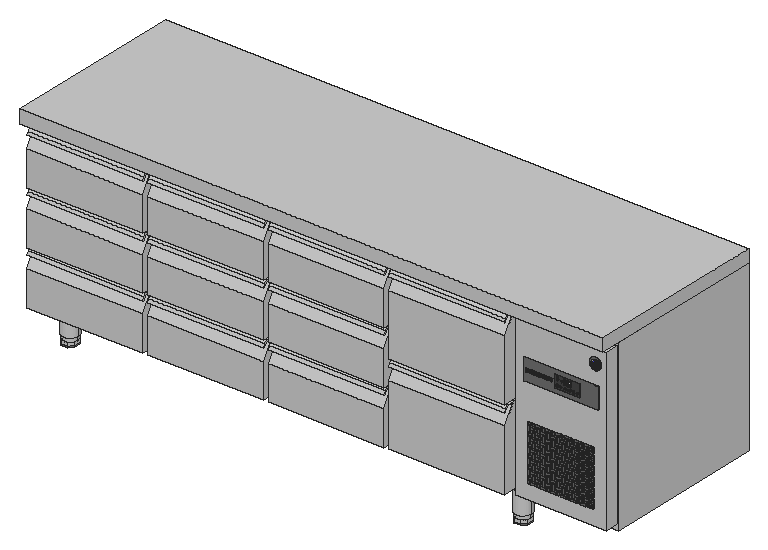
Revit family "QF_HOSHIZAKI_889040858", category Specialty Equipment, Revit 2016
Family settings
  Part Type = Normal
  Round Connector Dimension = Use Diameter
  OmniClass Number = 23.40.40.14
  OmniClass Title = Food Service Equipment
  Work Plane-Based = No
  Always vertical = Yes
  Cut with Voids When Loaded = No
  Shared = No
  Room Calculation Point = No
Parameters (values of type "889040858_230V/1Ph/50Hz")
  Weight = 159.00 kg
  Volts = 230 V
  URL Cutsheet = ""
  URL = "www.hoshizaki-europe.com"
  Status [instance] = ""
  Specification by User [instance] = ""
  Specification by Manufacturer [instance] = ""
  Serial Number = ""
  Seismic Rating = ""
  SMACNA No = ""
  Revision Code [instance] = ""
  Phase = 1
  Number of Poles = 2
  NAFEM Spec ID Number = ""
  Model = "ACR-225DG-3332-RRC-L2"
  Min Ckt Ampacity = 0 A
  Max Overcurrent Protection = 0 A
  Masterspec = ""
  Manufacturer = "HOSHIZAKI"
  Length Actual = 2246 mm
  Item Number [instance] = ""
  Installed By [instance] = ""
  Identify Quantity as Lot [instance] = no
  Height Actual = 900 mm
  HP power = ""
  Furnished By [instance] = ""
  Foodservice Equipment Identifier [instance] = yes
  FL Amps = 1.7 A
  Electric power = 240 W
  Electric Connection Type [instance] = ""
  Elec Conn RI Height [instance] = 0 mm
  Elec Conn Connection Height [instance] = 200 mm
  Description = "ADVANCE 4-SECTION 1/1 GN REFRIGERATED COUNTER WITH 3 DRAWER SECTIONS EACH WITH 3 X 1/3 DRAWERS, 1 DRAWER SECTION WITH 2 X 1/2 DRAWERS AND A FLAT WORKTOP"
  Depth Actual = 700 mm
  Cycle = 50 Hz
  Cost = 0
  Conn Plug = ""
  Conn Conduit = no
  CSI MasterFormat = ""
  Assembly Code = "E1090320"
  Apparent Power = 240 VA
  Accessory = no
Reference planes
  plane 1 "Center (Front/Back)": y = 0
  plane 2: z = 0
  plane 3 "Center (Left/Right)": x = 0
Forms (mm)
  Extrusion 1, solid, not visible
    sketch origin (1999, -17, 349) x (1, 0, 0) y (0, 1, 0)
      loop
        line (0, 0) -> (2, 0) -> (2, 2) -> (0, 2) -> (0, 0)
    from 0 to 2
Dimensions and locks
  aligned and locked: level to plane 2
Nested families
  nested 1: "QF_HOSHIZAKI_889040858_230V_1Ph_50Hz" at (0, 0, 150), type "889040858_230V/1Ph/50Hz"
    with Show Logo yes, Length Actual 2246 mm, Height Actual 650 mm, Depth Actual 700 mm, Compressor offset 1890 mm, Compressor location 1
  nested 2: "QF_HOSHIZAKI_ADVANCE_REF-COUNTER-WORKTOPS" at (0, 0, 800), type "760660203"
    with Worktop thickness 50 mm, Length Actual 2246 mm, Depth Actual 700 mm, Backsplash thickness 20 mm, Backsplash height 100 mm
  nested 3: "QF_HOSHIZAKI_ADVANCE_REF-COUNTER-DOORS-DRAWERS" at (22, -700, 150), type "760660213"
    with Weight 0.00 kg, URL Cutsheet "", Status "", Specification by User "", Specification by Manufacturer "", Serial Number "", Seismic Rating "", Section size 446 mm, Section 5, SMACNA No "", Right hand hinged glass door no, Right hand hinged door no, Revision Code "", NAFEM Spec ID Number "", Masterspec "", Length Actual 0 mm, Left hand hinged glass door no, Left hand hinged door no, Item Number "", Installed By "", Identify Quantity as Lot no, Height Actual 0 mm, Furnished By "", Foodservice Equipment Identifier no, Depth Actual 0 mm, CSI MasterFormat "", Accessory yes, 3 Drawers yes, 2 Drawers 1-3 and 2-3 no, 2 Drawers no
  nested 4: "QF_HOSHIZAKI_ADVANCE_REF-COUNTER-DOORS-DRAWERS" at (488, -700, 150), type "760660213"
    with Weight 0.00 kg, URL Cutsheet "", Status "", Specification by User "", Specification by Manufacturer "", Serial Number "", Seismic Rating "", Section size 446 mm, Section 5, SMACNA No "", Right hand hinged glass door no, Right hand hinged door no, Revision Code "", NAFEM Spec ID Number "", Masterspec "", Length Actual 0 mm, Left hand hinged glass door no, Left hand hinged door no, Item Number "", Installed By "", Identify Quantity as Lot no, Height Actual 0 mm, Furnished By "", Foodservice Equipment Identifier no, Depth Actual 0 mm, CSI MasterFormat "", Accessory yes, 3 Drawers yes, 2 Drawers 1-3 and 2-3 no, 2 Drawers no
  nested 5: "QF_HOSHIZAKI_ADVANCE_REF-COUNTER-DOORS-DRAWERS" at (952, -700, 150), type "760660213"
    with Weight 0.00 kg, URL Cutsheet "", Status "", Specification by User "", Specification by Manufacturer "", Serial Number "", Seismic Rating "", Section size 446 mm, Section 5, SMACNA No "", Right hand hinged glass door no, Right hand hinged door no, Revision Code "", NAFEM Spec ID Number "", Masterspec "", Length Actual 0 mm, Left hand hinged glass door no, Left hand hinged door no, Item Number "", Installed By "", Identify Quantity as Lot no, Height Actual 0 mm, Furnished By "", Foodservice Equipment Identifier no, Depth Actual 0 mm, CSI MasterFormat "", Accessory yes, 3 Drawers yes, 2 Drawers 1-3 and 2-3 no, 2 Drawers no
  nested 6: "QF_HOSHIZAKI_ADVANCE_REF-COUNTER-DOORS-DRAWERS" at (1416, -700, 150), type "760660212"
    with Weight 0.00 kg, URL Cutsheet "", Status "", Specification by User "", Specification by Manufacturer "", Serial Number "", Seismic Rating "", Section size 446 mm, Section 3, SMACNA No "", Right hand hinged glass door no, Right hand hinged door no, Revision Code "", NAFEM Spec ID Number "", Masterspec "", Length Actual 0 mm, Left hand hinged glass door no, Left hand hinged door no, Item Number "", Installed By "", Identify Quantity as Lot no, Height Actual 0 mm, Furnished By "", Foodservice Equipment Identifier no, Depth Actual 0 mm, CSI MasterFormat "", Accessory yes, 3 Drawers no, 2 Drawers 1-3 and 2-3 no, 2 Drawers yes
  nested 7: "QF_HOSHIZAKI_ADVANCE_REF-COUNTER-LEGS" at (0, 0, 0), type "760660118-7"
    with Weight 0.00 kg, URL Cutsheet "", Status "", Specification by User "", Specification by Manufacturer "", Serial Number "", Seismic Rating "", SMACNA No "", Revision Code "", NAFEM Spec ID Number "", Masterspec "", Length Actual 2246 mm, Legs inset right 430 mm, Legs inset rear 70 mm, Legs inset left 70 mm, Legs inset front 153 mm, Item Number "", Installed By "", Identify Quantity as Lot no, Height Actual 150 mm, Furnished By "", Foodservice Equipment Identifier no, Depth Actual 700 mm, Central Legs no, CSI MasterFormat "", Accessory yes
Connectors
  electrical at (2000, -15, 350), driven by "Apparent Power", driven by "Number of Poles", driven by "Volts"
    settings: on Extrusion 1, index 1, voltage 230 V, apparent load 0 VA, apparent load phase1 240 VA, apparent load phase2 0 VA, apparent load phase3 0 VA, power factor 1, load classification "Other", number of poles 2, system type 31, power factor state 1, is connector primary yes, connector utility no, sub classification motor no, connector description "Electric connection for '889040858'"
Definition of nested family "QF_HOSHIZAKI_889040858_230V_1Ph_50Hz"
  Parameters (values of type "889040858_230V/1Ph/50Hz")
    URL = "www.hoshizaki-europe.com"
    Show Logo [instance] = yes
    Model = "ACR-225DG-3332-RRC-L2"
    Manufacturer = "HOSHIZAKI"
    Length Actual [instance] = 2246 mm
    Height Actual [instance] = 650 mm
    Description = "ADVANCE 4-SECTION 1/1 GN REFRIGERATED COUNTER WITH 3 DRAWER SECTIONS EACH WITH 3 X 1/3 DRAWERS, 1 DRAWER SECTION WITH 2 X 1/2 DRAWERS AND A FLAT WORKTOP"
    Depth Actual [instance] = 700 mm
    Compressor offset [instance] = if(Compressor location = 1, Length Actual - 356 mm, if(Compressor location = 2, 7 mm, Length Actual - 356 mm))  # 1890 mm
    Compressor location [instance] = 1
    Author = "SPECIFI"
    Assembly Code = "E1090320"
  Types (60, lengths in mm): name | Model | Length Actual | Description | Compressor offset
    889000840 | "ACR-130DG-LR-RRC-L1" | 1314 | "ADVANCE 2-SECTION 1/1 GN REFRIGERATED COUNTER WITH 2 DOORS AND A FLAT WORKTOP" | 958
    889000848 | "ACR-130DG-22-RRC-L1" | 1314 | "ADVANCE 2-SECTION 1/1 GN REFRIGERATED COUNTER WITH 2 DRAWER SECTIONS EACH WITH 2 X 1/2 DRAWERS AND A FLAT WORKTOP" | 958
    889000856 | "ACR-130DG-32-RRC-L1" | 1314 | "ADVANCE 2-SECTION 1/1 GN REFRIGERATED COUNTER WITH 1 DRAWER SECTION WITH 3 X 1/3 DRAWERS, 1 DRAWER SECTION WITH 2 X 1/2 DRAWERS AND A FLAT WORKTOP" | 958
    889000844 | "ACR-130DG-LR-RRS-L1" | 1314 | "ADVANCE 2-SECTION 1/1 GN REFRIGERATED COUNTER WITH 2 DOORS AND A WORKTOP WITH 100 MM SPLASHBACK" | 958
    889000852 | "ACR-130DG-22-RRS-L1" | 1314 | "ADVANCE 2-SECTION 1/1 GN REFRIGERATED COUNTER WITH 2 DRAWER SECTIONS EACH WITH 2 X 1/2 DRAWERS AND A WORKTOP WITH 100 MM SPLASHBACK" | 958
    889000861 | "ACR-130DG-LR-RRC-C1-U" | 1314 | "ADVANCE 2-SECTION 1/1 GN REFRIGERATED COUNTER WITH 2 DOORS AND A FLAT WORKTOP" | 958
    889000869 | "ACR-130DG-22-RRC-C1-U" | 1314 | "ADVANCE 2-SECTION 1/1 GN REFRIGERATED COUNTER WITH 2 DRAWER SECTIONS EACH WITH 2 X 1/2 DRAWERS AND A FLAT WORKTOP" | 958
    889000877 | "ACR-130DG-32-RRC-C1-U" | 1314 | "ADVANCE 2-SECTION 1/1 GN REFRIGERATED COUNTER WITH 1 DRAWER SECTION WITH 3 X 1/3 DRAWERS, 1 DRAWER SECTION WITH 2 X 1/2 DRAWERS AND A FLAT WORKTOP" | 958
    889000865 | "ACR-130DG-LR-RRS-C1-U" | 1314 | "ADVANCE 2-SECTION 1/1 GN REFRIGERATED COUNTER WITH 2 DOORS AND A WORKTOP WITH 100 MM SPLASHBACK" | 958
    889000873 | "ACR-130DG-22-RRS-C1-U" | 1314 | "ADVANCE 2-SECTION 1/1 GN REFRIGERATED COUNTER WITH 2 DRAWER SECTIONS EACH WITH 2 X 1/2 DRAWERS AND A WORKTOP WITH 100 MM SPLASHBACK" | 958
    889000842 | "ACR-130DG-LR-RRC-L2" | 1314 | "ADVANCE 2-SECTION 1/1 GN REFRIGERATED COUNTER WITH 2 DOORS AND A FLAT WORKTOP" | 958
    889000850 | "ACR-130DG-22-RRC-L2" | 1314 | "ADVANCE 2-SECTION 1/1 GN REFRIGERATED COUNTER WITH 2 DRAWER SECTIONS EACH WITH 2 X 1/2 DRAWERS AND A FLAT WORKTOP" | 958
    889000858 | "ACR-130DG-32-RRC-L2" | 1314 | "ADVANCE 2-SECTION 1/1 GN REFRIGERATED COUNTER WITH 1 DRAWER SECTION WITH 3 X 1/3 DRAWERS, 1 DRAWER SECTION WITH 2 X 1/2 DRAWERS AND A FLAT WORKTOP" | 958
    889000846 | "ACR-130DG-LR-RRS-L2" | 1314 | "ADVANCE 2-SECTION 1/1 GN REFRIGERATED COUNTER WITH 2 DOORS AND A WORKTOP WITH 100 MM SPLASHBACK" | 958
    889000854 | "ACR-130DG-22-RRS-L2" | 1314 | "ADVANCE 2-SECTION 1/1 GN REFRIGERATED COUNTER WITH 2 DRAWER SECTIONS EACH WITH 2 X 1/2 DRAWERS AND A WORKTOP WITH 100 MM SPLASHBACK" | 958
    889000822 | "ACR-130DG-LR-CRC-L2" | 1314 | "ADVANCE 2-SECTION 1/1 GN REFRIGERATED COUNTER WITH 2 DOORS AND A FLAT WORKTOP" | 958
    889000830 | "ACR-130DG-22-CRC-L2" | 1314 | "ADVANCE 2-SECTION 1/1 GN REFRIGERATED COUNTER WITH 2 DRAWER SECTIONS EACH WITH 2 X 1/2 DRAWERS AND A FLAT WORKTOP" | 958
    889000838 | "ACR-130DG-32-CRC-L2" | 1314 | "ADVANCE 2-SECTION 1/1 GN REFRIGERATED COUNTER WITH 1 DRAWER SECTION WITH 3 X 1/3 DRAWERS, 1 DRAWER SECTION WITH 2 X 1/2 DRAWERS AND A FLAT WORKTOP" | 958
    889000826 | "ACR-130DG-LR-CRS-L2" | 1314 | "ADVANCE 2-SECTION 1/1 GN REFRIGERATED COUNTER WITH 2 DOORS AND A WORKTOP WITH 100 MM SPLASHBACK" | 958
    889000834 | "ACR-130DG-22-CRS-L2" | 1314 | "ADVANCE 2-SECTION 1/1 GN REFRIGERATED COUNTER WITH 2 DRAWER SECTIONS EACH WITH 2 X 1/2 DRAWERS AND A WORKTOP WITH 100 MM SPLASHBACK" | 958
    889020840 | "ACR-180DG-LRR-RRC-L1" | 1780 | "ADVANCE 3-SECTION 1/1 GN REFRIGERATED COUNTER WITH 3 DOORS AND A FLAT WORKTOP" | 1424
    889020848 | "ACR-180DG-222-RRC-L1" | 1780 | "ADVANCE 3-SECTION 1/1 GN REFRIGERATED COUNTER WITH 3 DRAWER SECTIONS EACH WITH 2 X 1/2 DRAWERS AND A FLAT WORKTOP" | 1424
    889020856 | "ACR-180DG-332-RRC-L1" | 1780 | "ADVANCE 3-SECTION 1/1 GN REFRIGERATED COUNTER WITH 2 DRAWER SECTIONS EACH WITH 3 X 1/3 DRAWERS, 1 DRAWER SECTION WITH 2 X 1/2 DRAWERS AND A FLAT WORKTOP" | 1424
    889020844 | "ACR-180DG-LRR-RRS-L1" | 1780 | "ADVANCE 3-SECTION 1/1 GN REFRIGERATED COUNTER WITH 3 DOORS AND A WORKTOP WITH 100 MM SPLASHBACK" | 1424
    889020852 | "ACR-180DG-222-RRS-L1" | 1780 | "ADVANCE 3-SECTION 1/1 GN REFRIGERATED COUNTER WITH 3 DRAWER SECTIONS EACH WITH 2 X 1/2 DRAWERS AND A WORKTOP WITH 100 MM SPLASHBACK" | 1424
    889020861 | "ACR-180DG-LRR-RRC-C1-U" | 1780 | "ADVANCE 3-SECTION 1/1 GN REFRIGERATED COUNTER WITH 3 DOORS AND A FLAT WORKTOP" | 1424
    889020869 | "ACR-180DG-222-RRC-C1-U" | 1780 | "ADVANCE 3-SECTION 1/1 GN REFRIGERATED COUNTER WITH 3 DRAWER SECTIONS EACH WITH 2 X 1/2 DRAWERS AND A FLAT WORKTOP" | 1424
    889020877 | "ACR-180DG-332-RRC-C1-U" | 1780 | "ADVANCE 3-SECTION 1/1 GN REFRIGERATED COUNTER WITH 2 DRAWER SECTIONS EACH WITH 3 X 1/3 DRAWERS, 1 DRAWER SECTION WITH 2 X 1/2 DRAWERS AND A FLAT WORKTOP" | 1424
    889020865 | "ACR-180DG-LRR-RRS-C1-U" | 1780 | "ADVANCE 3-SECTION 1/1 GN REFRIGERATED COUNTER WITH 3 DOORS AND A WORKTOP WITH 100 MM SPLASHBACK" | 1424
    889020873 | "ACR-180DG-222-RRS-C1-U" | 1780 | "ADVANCE 3-SECTION 1/1 GN REFRIGERATED COUNTER WITH 3 DRAWER SECTIONS EACH WITH 2 X 1/2 DRAWERS AND A WORKTOP WITH 100 MM SPLASHBACK" | 1424
    889020842 | "ACR-180DG-LRR-RRC-L2" | 1780 | "ADVANCE 3-SECTION 1/1 GN REFRIGERATED COUNTER WITH 3 DOORS AND A FLAT WORKTOP" | 1424
    889020850 | "ACR-180DG-222-RRC-L2" | 1780 | "ADVANCE 3-SECTION 1/1 GN REFRIGERATED COUNTER WITH 3 DRAWER SECTIONS EACH WITH 2 X 1/2 DRAWERS AND A FLAT WORKTOP" | 1424
    889020858 | "ACR-180DG-332-RRC-L2" | 1780 | "ADVANCE 3-SECTION 1/1 GN REFRIGERATED COUNTER WITH 2 DRAWER SECTIONS EACH WITH 3 X 1/3 DRAWERS, 1 DRAWER SECTION WITH 2 X 1/2 DRAWERS AND A FLAT WORKTOP" | 1424
    889020846 | "ACR-180DG-LRR-RRS-L2" | 1780 | "ADVANCE 3-SECTION 1/1 GN REFRIGERATED COUNTER WITH 3 DOORS AND A WORKTOP WITH 100 MM SPLASHBACK" | 1424
    889020854 | "ACR-180DG-222-RRS-L2" | 1780 | "ADVANCE 3-SECTION 1/1 GN REFRIGERATED COUNTER WITH 3 DRAWER SECTIONS EACH WITH 2 X 1/2 DRAWERS AND A WORKTOP WITH 100 MM SPLASHBACK" | 1424
    889020823 | "ACR-180DG-LRR-CRC-L2" | 1780 | "ADVANCE 3-SECTION 1/1 GN REFRIGERATED COUNTER WITH 3 DOORS AND A FLAT WORKTOP" | 1424
    889020830 | "ACR-180DG-222-CRC-L2" | 1780 | "ADVANCE 3-SECTION 1/1 GN REFRIGERATED COUNTER WITH 3 DRAWER SECTIONS EACH WITH 2 X 1/2 DRAWERS AND A FLAT WORKTOP" | 1424
    889020838 | "ACR-180DG-332-CRC-L2" | 1780 | "ADVANCE 3-SECTION 1/1 GN REFRIGERATED COUNTER WITH 2 DRAWER SECTIONS EACH WITH 3 X 1/3 DRAWERS, 1 DRAWER SECTION WITH 2 X 1/2 DRAWERS AND A FLAT WORKTOP" | 1424
    889020827 | "ACR-180DG-LRR-CRS-L2" | 1780 | "ADVANCE 3-SECTION 1/1 GN REFRIGERATED COUNTER WITH 3 DOORS AND A WORKTOP WITH 100 MM SPLASHBACK" | 1424
    889020834 | "ACR-180DG-222-CRS-L2" | 1780 | "ADVANCE 3-SECTION 1/1 GN REFRIGERATED COUNTER WITH 3 DRAWER SECTIONS EACH WITH 2 X 1/2 DRAWERS AND A WORKTOP WITH 100 MM SPLASHBACK" | 1424
    889040840 | "ACR-225DG-LLRR-RRC-L1" | 2246 | "ADVANCE 4-SECTION 1/1 GN REFRIGERATED COUNTER WITH 4 DOORS AND A FLAT WORKTOP" | 1890
    889040848 | "ACR-225DG-2222-RRC-L1" | 2246 | "ADVANCE 4-SECTION 1/1 GN REFRIGERATED COUNTER WITH 4 DRAWER SECTIONS EACH WITH 2 X 1/2 DRAWERS AND A FLAT WORKTOP" | 1890
    889040856 | "ACR-225DG-3332-RRC-L1" | 2246 | "ADVANCE 4-SECTION 1/1 GN REFRIGERATED COUNTER WITH 3 DRAWER SECTIONS EACH WITH 3 X 1/3 DRAWERS, 1 DRAWER SECTION WITH 2 X 1/2 DRAWERS AND A FLAT WORKTOP" | 1890
    889040844 | "ACR-225DG-LLRR-RRS-L1" | 2246 | "ADVANCE 4-SECTION 1/1 GN REFRIGERATED COUNTER WITH 4 DOORS AND A WORKTOP WITH 100 MM SPLASHBACK" | 1890
    889040852 | "ACR-225DG-2222-RRS-L1" | 2246 | "ADVANCE 4-SECTION 1/1 GN REFRIGERATED COUNTER WITH 4 DRAWER SECTIONS EACH WITH 2 X 1/2 DRAWERS AND A WORKTOP WITH 100 MM SPLASHBACK" | 1890
    889040861 | "ACR-225DG-LLRR-RRC-C1-U" | 2246 | "ADVANCE 4-SECTION 1/1 GN REFRIGERATED COUNTER WITH 4 DOORS AND A FLAT WORKTOP" | 1890
    889040869 | "ACR-225DG-2222-RRC-C1-U" | 2246 | "ADVANCE 4-SECTION 1/1 GN REFRIGERATED COUNTER WITH 4 DRAWER SECTIONS EACH WITH 2 X 1/2 DRAWERS AND A FLAT WORKTOP" | 1890
    889040877 | "ACR-225DG-3332-RRC-C1-U" | 2246 | "ADVANCE 4-SECTION 1/1 GN REFRIGERATED COUNTER WITH 3 DRAWER SECTIONS EACH WITH 3 X 1/3 DRAWERS, 1 DRAWER SECTION WITH 2 X 1/2 DRAWERS AND A FLAT WORKTOP" | 1890
    889040865 | "ACR-225DG-LLRR-RRS-C1-U" | 2246 | "ADVANCE 4-SECTION 1/1 GN REFRIGERATED COUNTER WITH 4 DOORS AND A WORKTOP WITH 100 MM SPLASHBACK" | 1890
    889040873 | "ACR-225DG-2222-RRS-C1-U" | 2246 | "ADVANCE 4-SECTION 1/1 GN REFRIGERATED COUNTER WITH 4 DRAWER SECTIONS EACH WITH 2 X 1/2 DRAWERS AND A WORKTOP WITH 100 MM SPLASHBACK" | 1890
    889040842 | "ACR-225DG-LLRR-RRC-L2" | 2246 | "ADVANCE 4-SECTION 1/1 GN REFRIGERATED COUNTER WITH 4 DOORS AND A FLAT WORKTOP" | 1890
    889040850 | "ACR-225DG-2222-RRC-L2" | 2246 | "ADVANCE 4-SECTION 1/1 GN REFRIGERATED COUNTER WITH 4 DRAWER SECTIONS EACH WITH 2 X 1/2 DRAWERS AND A FLAT WORKTOP" | 1890
    889040858_230V/1Ph/50Hz | "ACR-225DG-3332-RRC-L2" | 2246 | "ADVANCE 4-SECTION 1/1 GN REFRIGERATED COUNTER WITH 3 DRAWER SECTIONS EACH WITH 3 X 1/3 DRAWERS, 1 DRAWER SECTION WITH 2 X 1/2 DRAWERS AND A FLAT WORKTOP" | 1890
    889040846 | "ACR-225DG-LLRR-RRS-L2" | 2246 | "ADVANCE 4-SECTION 1/1 GN REFRIGERATED COUNTER WITH 4 DOORS AND A WORKTOP WITH 100 MM SPLASHBACK" | 1890
    889040854 | "ACR-225DG-2222-RRS-L2" | 2246 | "ADVANCE 4-SECTION 1/1 GN REFRIGERATED COUNTER WITH 4 DRAWER SECTIONS EACH WITH 2 X 1/2 DRAWERS AND A WORKTOP WITH 100 MM SPLASHBACK" | 1890
    889040822 | "ACR-225DG-LLRR-CRC-L2" | 2246 | "ADVANCE 4-SECTION 1/1 GN REFRIGERATED COUNTER WITH 4 DOORS AND A FLAT WORKTOP" | 1890
    889040830 | "ACR-225DG-2222-CRC-L2" | 2246 | "ADVANCE 4-SECTION 1/1 GN REFRIGERATED COUNTER WITH 4 DRAWER SECTIONS EACH WITH 2 X 1/2 DRAWERS AND A FLAT WORKTOP" | 1890
    889040838 | "ACR-225DG-3332-CRC-L2" | 2246 | "ADVANCE 4-SECTION 1/1 GN REFRIGERATED COUNTER WITH 3 DRAWER SECTIONS EACH WITH 3 X 1/3 DRAWERS, 1 DRAWER SECTION WITH 2 X 1/2 DRAWERS AND A FLAT WORKTOP" | 1890
    889040826 | "ACR-225DG-LLRR-CRS-L2" | 2246 | "ADVANCE 4-SECTION 1/1 GN REFRIGERATED COUNTER WITH 4 DOORS AND A WORKTOP WITH 100 MM SPLASHBACK" | 1890
    889040834 | "ACR-225DG-2222-CRS-L2" | 2246 | "ADVANCE 4-SECTION 1/1 GN REFRIGERATED COUNTER WITH 4 DRAWER SECTIONS EACH WITH 2 X 1/2 DRAWERS AND A WORKTOP WITH 100 MM SPLASHBACK" | 1890
  Reference planes
    plane 1 "Back": y = 0
    plane 2: z = 0
    plane 3 "Left": x = 0
    plane 4 "Right": x = 2246
    plane 5 "Front": y = -700
    plane 6 "Top": z = 650
    plane 7 "Front legs": y = -624.512
    plane 8 "Compressor dimension": x = 2246
    plane 9 "Compressor offset": x = 1890
  Forms (mm)
    Extrusion 1, solid
      sketch origin (0, 0, 0) x (0, 1, 0) y (0, 0, 1)
        loop
          line (0, 650) -> (-624.512, 650) -> (-624.512, 0) -> (0, 0) -> (0, 650)
      from 0 to 2246
    Extrusion 2, solid
      sketch origin (1890, 0, 0) x (0, -1, 0) y (0, 0, 1)
        loop
          line (624.512, 634) -> (624.512, 20) -> (674.54, 20) -> (674.54, 634) -> (624.512, 634)
      from 0 to -349
  Lines and regions (mm)
    symbolic lines
      curve 1: line (0, 0, 650) -> (2246, 0, 650)
      curve 2: line (0, -700, 650) -> (0, 0, 650)
      curve 3: line (2246, -700, 650) -> (0, -700, 650)
      curve 4: line (2246, 0, 650) -> (2246, -700, 650)
  Dimensions and locks
    "Length Actual": plane 3 "Left" to plane 4 "Right"
    "Depth Actual": plane 5 "Front" to plane 1 "Back"
    plane 7 "Front legs" to plane 5 "Front" = 75.488 mm
    "Compressor offset": plane 3 "Left" to plane 9 "Compressor offset"
    locked: plane 9 "Compressor offset" to plane 8 "Compressor dimension" at 356
    plane 6 "Top" to level = 650 mm
    aligned and locked: level to plane 2
    aligned and locked: plane 1 "Back" to Extrusion 1 sketch curve
    aligned and locked: plane 7 "Front legs" to Extrusion 1 sketch curve
    aligned and locked: Extrusion 1 to plane 4 "Right"
    aligned and locked: plane 7 "Front legs" to Extrusion 2 sketch curve
    aligned and locked: nested 1 to plane 5 "Front"
    aligned and locked: nested 1 to plane 9 "Compressor offset"
    aligned and locked: Extrusion 1 sketch curve to plane 6 "Top"
    aligned and locked: plane 2 to Extrusion 1 sketch curve
    aligned and locked: plane 1 "Back" to curve 1
    aligned and locked: plane 5 "Front" to curve 3
    aligned and locked: plane 4 "Right" to curve 4
    aligned and locked: plane 3 "Left" to curve 2
  Automatic sketch dimensions
    plane 5 "Front" to Extrusion 2 sketch curve = 25.46 mm
    level to Extrusion 2 sketch curve = 20 mm
    Extrusion 2 sketch curve to plane 6 "Top" = 16 mm
  Nested families
    nested 1: "Control-panel" at (1890, -700, 0), Show Logo <- "Show Logo", type "Control-panel"
      with Show Logo yes
  Definition of nested family "Control-panel"
    Parameters (values of type "Control-panel")
      Show Logo [instance] = yes
    Reference planes
      plane 1 "Center (Front/Back)": y = 0
      plane 2: z = 0
      plane 3 "Center (Left/Right)": x = 0
      plane 4: z = 650
    Forms (mm)
      Extrusion 1, solid
        sketch origin (-3653, 19.5, -135) x (-1, 0, 0) y (0, 0, 1)
          loop
            arc (-3941, 426) -> (-3944.5, 422.5) -> (-3941, 419) r 3.5
            line (-3941, 419) -> (-3923, 419)
            arc (-3923, 419) -> (-3919.5, 422.5) -> (-3923, 426) r 3.5
            line (-3923, 426) -> (-3941, 426)
          loop
            arc (-3903, 426) -> (-3906.5, 422.5) -> (-3903, 419) r 3.5
            line (-3903, 419) -> (-3885, 419)
            arc (-3885, 419) -> (-3881.5, 422.5) -> (-3885, 426) r 3.5
            line (-3885, 426) -> (-3903, 426)
          loop
            arc (-3865, 426) -> (-3868.5, 422.5) -> (-3865, 419) r 3.5
            line (-3865, 419) -> (-3847, 419)
            arc (-3847, 419) -> (-3843.5, 422.5) -> (-3847, 426) r 3.5
            line (-3847, 426) -> (-3865, 426)
          loop
            arc (-3827, 426) -> (-3830.5, 422.5) -> (-3827, 419) r 3.5
            line (-3827, 419) -> (-3809, 419)
            arc (-3809, 419) -> (-3805.5, 422.5) -> (-3809, 426) r 3.5
            line (-3809, 426) -> (-3827, 426)
          loop
            arc (-3789, 426) -> (-3792.5, 422.5) -> (-3789, 419) r 3.5
            line (-3789, 419) -> (-3771, 419)
            arc (-3771, 419) -> (-3767.5, 422.5) -> (-3771, 426) r 3.5
            line (-3771, 426) -> (-3789, 426)
          loop
            arc (-3751, 426) -> (-3754.5, 422.5) -> (-3751, 419) r 3.5
            line (-3751, 419) -> (-3733, 419)
            arc (-3733, 419) -> (-3729.5, 422.5) -> (-3733, 426) r 3.5
            line (-3733, 426) -> (-3751, 426)
          loop
            arc (-3713, 426) -> (-3716.5, 422.5) -> (-3713, 419) r 3.5
            line (-3713, 419) -> (-3704, 419)
            arc (-3704, 419) -> (-3700.5, 422.5) -> (-3704, 426) r 3.5
            line (-3704, 426) -> (-3713, 426)
          loop
            arc (-3948, 422) -> (-3951, 425) -> (-3954, 422) r 3
            line (-3954, 422) -> (-3954, 413)
            arc (-3954, 413) -> (-3951, 410) -> (-3948, 413) r 3
            line (-3948, 413) -> (-3948, 422)
          loop
            line (-3938.025, 416.51) -> (-3945.025, 416.51) -> (-3945.025, 409.51) -> (-3938.025, 409.51) -> (-3938.025, 416.51)
          loop
            line (-3919.025, 416.51) -> (-3926.025, 416.51) -> (-3926.025, 409.51) -> (-3919.025, 409.51) -> (-3919.025, 416.51)
          loop
            arc (-3910, 422) -> (-3913, 425) -> (-3916, 422) r 3
            line (-3916, 422) -> (-3916, 413)
            arc (-3916, 413) -> (-3913, 410) -> (-3910, 413) r 3
            line (-3910, 413) -> (-3910, 422)
          loop
            line (-3900.025, 416.51) -> (-3907.025, 416.51) -> (-3907.025, 409.51) -> (-3900.025, 409.51) -> (-3900.025, 416.51)
          loop
            line (-3881.025, 416.51) -> (-3888.025, 416.51) -> (-3888.025, 409.51) -> (-3881.025, 409.51) -> (-3881.025, 416.51)
          loop
            arc (-3872, 422) -> (-3875, 425) -> (-3878, 422) r 3
            line (-3878, 422) -> (-3878, 413)
            arc (-3878, 413) -> (-3875, 410) -> (-3872, 413) r 3
            line (-3872, 413) -> (-3872, 422)
          loop
            line (-3862.025, 416.51) -> (-3869.025, 416.51) -> (-3869.025, 409.51) -> (-3862.025, 409.51) -> (-3862.025, 416.51)
          loop
            line (-3843.025, 416.51) -> (-3850.025, 416.51) -> (-3850.025, 409.51) -> (-3843.025, 409.51) -> (-3843.025, 416.51)
          loop
            arc (-3834, 422) -> (-3837, 425) -> (-3840, 422) r 3
            line (-3840, 422) -> (-3840, 413)
            arc (-3840, 413) -> (-3837, 410) -> (-3834, 413) r 3
            line (-3834, 413) -> (-3834, 422)
          loop
            line (-3824.025, 416.51) -> (-3831.025, 416.51) -> (-3831.025, 409.51) -> (-3824.025, 409.51) -> (-3824.025, 416.51)
          loop
            line (-3805.025, 416.51) -> (-3812.025, 416.51) -> (-3812.025, 409.51) -> (-3805.025, 409.51) -> (-3805.025, 416.51)
          loop
            arc (-3796, 422) -> (-3799, 425) -> (-3802, 422) r 3
            line (-3802, 422) -> (-3802, 413)
            arc (-3802, 413) -> (-3799, 410) -> (-3796, 413) r 3
            line (-3796, 413) -> (-3796, 422)
          loop
            line (-3786.025, 416.51) -> (-3793.025, 416.51) -> (-3793.025, 409.51) -> (-3786.025, 409.51) -> (-3786.025, 416.51)
          loop
            line (-3767.025, 416.51) -> (-3774.025, 416.51) -> (-3774.025, 409.51) -> (-3767.025, 409.51) -> (-3767.025, 416.51)
          loop
            arc (-3758, 422) -> (-3761, 425) -> (-3764, 422) r 3
            line (-3764, 422) -> (-3764, 413)
            arc (-3764, 413) -> (-3761, 410) -> (-3758, 413) r 3
            line (-3758, 413) -> (-3758, 422)
          loop
            line (-3748.025, 416.51) -> (-3755.025, 416.51) -> (-3755.025, 409.51) -> (-3748.025, 409.51) -> (-3748.025, 416.51)
          loop
            line (-3729.025, 416.51) -> (-3736.025, 416.51) -> (-3736.025, 409.51) -> (-3729.025, 409.51) -> (-3729.025, 416.51)
          loop
            arc (-3720, 422) -> (-3723, 425) -> (-3726, 422) r 3
            line (-3726, 422) -> (-3726, 413)
            arc (-3726, 413) -> (-3723, 410) -> (-3720, 413) r 3
            line (-3720, 413) -> (-3720, 422)
          loop
            line (-3710.025, 416.51) -> (-3717.025, 416.51) -> (-3717.025, 409.51) -> (-3710.025, 409.51) -> (-3710.025, 416.51)
          loop
            line (-3935.5, 412.5) -> (-3935.5, 394.5)
            arc (-3935.5, 394.5) -> (-3932, 391) -> (-3928.5, 394.5) r 3.5
            line (-3928.5, 394.5) -> (-3928.5, 412.5)
            arc (-3928.5, 412.5) -> (-3932, 416) -> (-3935.5, 412.5) r 3.5
          loop
            line (-3897.5, 412.5) -> (-3897.5, 394.5)
            arc (-3897.5, 394.5) -> (-3894, 391) -> (-3890.5, 394.5) r 3.5
            line (-3890.5, 394.5) -> (-3890.5, 412.5)
            arc (-3890.5, 412.5) -> (-3894, 416) -> (-3897.5, 412.5) r 3.5
          loop
            line (-3859.5, 412.5) -> (-3859.5, 394.5)
            arc (-3859.5, 394.5) -> (-3856, 391) -> (-3852.5, 394.5) r 3.5
            line (-3852.5, 394.5) -> (-3852.5, 412.5)
            arc (-3852.5, 412.5) -> (-3856, 416) -> (-3859.5, 412.5) r 3.5
          loop
            line (-3821.5, 412.5) -> (-3821.5, 394.5)
            arc (-3821.5, 394.5) -> (-3818, 391) -> (-3814.5, 394.5) r 3.5
            line (-3814.5, 394.5) -> (-3814.5, 412.5)
            arc (-3814.5, 412.5) -> (-3818, 416) -> (-3821.5, 412.5) r 3.5
          loop
            line (-3783.5, 412.5) -> (-3783.5, 394.5)
            arc (-3783.5, 394.5) -> (-3780, 391) -> (-3776.5, 394.5) r 3.5
            line (-3776.5, 394.5) -> (-3776.5, 412.5)
            arc (-3776.5, 412.5) -> (-3780, 416) -> (-3783.5, 412.5) r 3.5
          loop
            line (-3745.5, 412.5) -> (-3745.5, 394.5)
            arc (-3745.5, 394.5) -> (-3742, 391) -> (-3738.5, 394.5) r 3.5
            line (-3738.5, 394.5) -> (-3738.5, 412.5)
            arc (-3738.5, 412.5) -> (-3742, 416) -> (-3745.5, 412.5) r 3.5
          loop
            line (-3707.5, 412.5) -> (-3707.5, 394.5)
            arc (-3707.5, 394.5) -> (-3704, 391) -> (-3700.5, 394.5) r 3.5
            line (-3700.5, 394.5) -> (-3700.5, 412.5)
            arc (-3700.5, 412.5) -> (-3704, 416) -> (-3707.5, 412.5) r 3.5
          loop
            arc (-3922, 407) -> (-3925.5, 403.5) -> (-3922, 400) r 3.5
            line (-3922, 400) -> (-3904, 400)
            arc (-3904, 400) -> (-3900.5, 403.5) -> (-3904, 407) r 3.5
            line (-3904, 407) -> (-3922, 407)
          loop
            arc (-3884, 407) -> (-3887.5, 403.5) -> (-3884, 400) r 3.5
            line (-3884, 400) -> (-3866, 400)
            arc (-3866, 400) -> (-3862.5, 403.5) -> (-3866, 407) r 3.5
            line (-3866, 407) -> (-3884, 407)
          loop
            arc (-3846, 407) -> (-3849.5, 403.5) -> (-3846, 400) r 3.5
            line (-3846, 400) -> (-3828, 400)
            arc (-3828, 400) -> (-3824.5, 403.5) -> (-3828, 407) r 3.5
            line (-3828, 407) -> (-3846, 407)
          loop
            arc (-3808, 407) -> (-3811.5, 403.5) -> (-3808, 400) r 3.5
            line (-3808, 400) -> (-3790, 400)
            arc (-3790, 400) -> (-3786.5, 403.5) -> (-3790, 407) r 3.5
            line (-3790, 407) -> (-3808, 407)
          loop
            arc (-3770, 407) -> (-3773.5, 403.5) -> (-3770, 400) r 3.5
            line (-3770, 400) -> (-3752, 400)
            arc (-3752, 400) -> (-3748.5, 403.5) -> (-3752, 407) r 3.5
            line (-3752, 407) -> (-3770, 407)
          loop
            arc (-3732, 407) -> (-3735.5, 403.5) -> (-3732, 400) r 3.5
            line (-3732, 400) -> (-3714, 400)
            arc (-3714, 400) -> (-3710.5, 403.5) -> (-3714, 407) r 3.5
            line (-3714, 407) -> (-3732, 407)
          loop
            line (-3938.025, 390.49) -> (-3938.025, 397.49) -> (-3945.025, 397.49) -> (-3945.025, 390.49) -> (-3938.025, 390.49)
          loop
            line (-3919.025, 390.49) -> (-3919.025, 397.49) -> (-3926.025, 397.49) -> (-3926.025, 390.49) -> (-3919.025, 390.49)
          loop
            line (-3900.025, 390.49) -> (-3900.025, 397.49) -> (-3907.025, 397.49) -> (-3907.025, 390.49) -> (-3900.025, 390.49)
          loop
            line (-3881.025, 390.49) -> (-3881.025, 397.49) -> (-3888.025, 397.49) -> (-3888.025, 390.49) -> (-3881.025, 390.49)
          loop
            line (-3862.025, 390.49) -> (-3862.025, 397.49) -> (-3869.025, 397.49) -> (-3869.025, 390.49) -> (-3862.025, 390.49)
          loop
            line (-3843.025, 390.49) -> (-3843.025, 397.49) -> (-3850.025, 397.49) -> (-3850.025, 390.49) -> (-3843.025, 390.49)
          loop
            line (-3824.025, 390.49) -> (-3824.025, 397.49) -> (-3831.025, 397.49) -> (-3831.025, 390.49) -> (-3824.025, 390.49)
          loop
            line (-3805.025, 390.49) -> (-3805.025, 397.49) -> (-3812.025, 397.49) -> (-3812.025, 390.49) -> (-3805.025, 390.49)
          loop
            line (-3786.025, 390.49) -> (-3786.025, 397.49) -> (-3793.025, 397.49) -> (-3793.025, 390.49) -> (-3786.025, 390.49)
          loop
            line (-3767.025, 390.49) -> (-3767.025, 397.49) -> (-3774.025, 397.49) -> (-3774.025, 390.49) -> (-3767.025, 390.49)
          loop
            line (-3748.025, 390.49) -> (-3748.025, 397.49) -> (-3755.025, 397.49) -> (-3755.025, 390.49) -> (-3748.025, 390.49)
          loop
            line (-3729.025, 390.49) -> (-3729.025, 397.49) -> (-3736.025, 397.49) -> (-3736.025, 390.49) -> (-3729.025, 390.49)
          loop
            line (-3710.025, 390.49) -> (-3710.025, 397.49) -> (-3717.025, 397.49) -> (-3717.025, 390.49) -> (-3710.025, 390.49)
          loop
            arc (-3719.5, 393.5) -> (-3723, 397) -> (-3726.5, 393.5) r 3.5
            line (-3726.5, 393.5) -> (-3726.5, 375.5)
            arc (-3726.5, 375.5) -> (-3723, 372) -> (-3719.5, 375.5) r 3.5
            line (-3719.5, 375.5) -> (-3719.5, 393.5)
          loop
            arc (-3757.5, 393.5) -> (-3761, 397) -> (-3764.5, 393.5) r 3.5
            line (-3764.5, 393.5) -> (-3764.5, 375.5)
            arc (-3764.5, 375.5) -> (-3761, 372) -> (-3757.5, 375.5) r 3.5
            line (-3757.5, 375.5) -> (-3757.5, 393.5)
          loop
            arc (-3795.5, 393.5) -> (-3799, 397) -> (-3802.5, 393.5) r 3.5
            line (-3802.5, 393.5) -> (-3802.5, 375.5)
            arc (-3802.5, 375.5) -> (-3799, 372) -> (-3795.5, 375.5) r 3.5
            line (-3795.5, 375.5) -> (-3795.5, 393.5)
          loop
            arc (-3833.5, 393.5) -> (-3837, 397) -> (-3840.5, 393.5) r 3.5
            line (-3840.5, 393.5) -> (-3840.5, 375.5)
            arc (-3840.5, 375.5) -> (-3837, 372) -> (-3833.5, 375.5) r 3.5
            line (-3833.5, 375.5) -> (-3833.5, 393.5)
          loop
            arc (-3871.5, 393.5) -> (-3875, 397) -> (-3878.5, 393.5) r 3.5
            line (-3878.5, 393.5) -> (-3878.5, 375.5)
            arc (-3878.5, 375.5) -> (-3875, 372) -> (-3871.5, 375.5) r 3.5
            line (-3871.5, 375.5) -> (-3871.5, 393.5)
          loop
            arc (-3909.5, 393.5) -> (-3913, 397) -> (-3916.5, 393.5) r 3.5
            line (-3916.5, 393.5) -> (-3916.5, 375.5)
            arc (-3916.5, 375.5) -> (-3913, 372) -> (-3909.5, 375.5) r 3.5
            line (-3909.5, 375.5) -> (-3909.5, 393.5)
          loop
            arc (-3951, 406.5) -> (-3954, 403.5) -> (-3951, 400.5) r 3
            line (-3951, 400.5) -> (-3942, 400.5)
            arc (-3942, 400.5) -> (-3939, 403.5) -> (-3942, 406.5) r 3
            line (-3942, 406.5) -> (-3951, 406.5)
          loop
            arc (-3947.5, 393.5) -> (-3951, 397) -> (-3954.5, 393.5) r 3.5
            line (-3954.5, 393.5) -> (-3954.5, 375.5)
            arc (-3954.5, 375.5) -> (-3951, 372) -> (-3947.5, 375.5) r 3.5
            line (-3947.5, 375.5) -> (-3947.5, 393.5)
          loop
            arc (-3941, 388.51) -> (-3944.5, 385.01) -> (-3941, 381.51) r 3.5
            line (-3941, 381.51) -> (-3923, 381.51)
            arc (-3923, 381.51) -> (-3919.5, 385.01) -> (-3923, 388.51) r 3.5
            line (-3923, 388.51) -> (-3941, 388.51)
          loop
            arc (-3903, 388.51) -> (-3906.5, 385.01) -> (-3903, 381.51) r 3.5
            line (-3903, 381.51) -> (-3885, 381.51)
            arc (-3885, 381.51) -> (-3881.5, 385.01) -> (-3885, 388.51) r 3.5
            line (-3885, 388.51) -> (-3903, 388.51)
          loop
            arc (-3865, 388.51) -> (-3868.5, 385.01) -> (-3865, 381.51) r 3.5
            line (-3865, 381.51) -> (-3847, 381.51)
            arc (-3847, 381.51) -> (-3843.5, 385.01) -> (-3847, 388.51) r 3.5
            line (-3847, 388.51) -> (-3865, 388.51)
          loop
            arc (-3827, 388.51) -> (-3830.5, 385.01) -> (-3827, 381.51) r 3.5
            line (-3827, 381.51) -> (-3809, 381.51)
            arc (-3809, 381.51) -> (-3805.5, 385.01) -> (-3809, 388.51) r 3.5
            line (-3809, 388.51) -> (-3827, 388.51)
          loop
            arc (-3789, 388.51) -> (-3792.5, 385.01) -> (-3789, 381.51) r 3.5
            line (-3789, 381.51) -> (-3771, 381.51)
            arc (-3771, 381.51) -> (-3767.5, 385.01) -> (-3771, 388.51) r 3.5
            line (-3771, 388.51) -> (-3789, 388.51)
          loop
            arc (-3751, 388.51) -> (-3754.5, 385.01) -> (-3751, 381.51) r 3.5
            line (-3751, 381.51) -> (-3733, 381.51)
            arc (-3733, 381.51) -> (-3729.5, 385.01) -> (-3733, 388.51) r 3.5
            line (-3733, 388.51) -> (-3751, 388.51)
          loop
            arc (-3713, 388.51) -> (-3716.5, 385.01) -> (-3713, 381.51) r 3.5
            line (-3713, 381.51) -> (-3704, 381.51)
            arc (-3704, 381.51) -> (-3700.5, 385.01) -> (-3704, 388.51) r 3.5
            line (-3704, 388.51) -> (-3713, 388.51)
          loop
            line (-3938.025, 379.02) -> (-3945.025, 379.02) -> (-3945.025, 372.02) -> (-3938.025, 372.02) -> (-3938.025, 379.02)
          loop
            line (-3919.025, 379.02) -> (-3926.025, 379.02) -> (-3926.025, 372.02) -> (-3919.025, 372.02) -> (-3919.025, 379.02)
          loop
            line (-3900.025, 379.02) -> (-3907.025, 379.02) -> (-3907.025, 372.02) -> (-3900.025, 372.02) -> (-3900.025, 379.02)
          loop
            line (-3881.025, 379.02) -> (-3888.025, 379.02) -> (-3888.025, 372.02) -> (-3881.025, 372.02) -> (-3881.025, 379.02)
          loop
            line (-3862.025, 379.02) -> (-3869.025, 379.02) -> (-3869.025, 372.02) -> (-3862.025, 372.02) -> (-3862.025, 379.02)
          loop
            line (-3843.025, 379.02) -> (-3850.025, 379.02) -> (-3850.025, 372.02) -> (-3843.025, 372.02) -> (-3843.025, 379.02)
          loop
            line (-3824.025, 379.02) -> (-3831.025, 379.02) -> (-3831.025, 372.02) -> (-3824.025, 372.02) -> (-3824.025, 379.02)
          loop
            line (-3805.025, 379.02) -> (-3812.025, 379.02) -> (-3812.025, 372.02) -> (-3805.025, 372.02) -> (-3805.025, 379.02)
          loop
            line (-3786.025, 379.02) -> (-3793.025, 379.02) -> (-3793.025, 372.02) -> (-3786.025, 372.02) -> (-3786.025, 379.02)
          loop
            line (-3767.025, 379.02) -> (-3774.025, 379.02) -> (-3774.025, 372.02) -> (-3767.025, 372.02) -> (-3767.025, 379.02)
          loop
            line (-3748.025, 379.02) -> (-3755.025, 379.02) -> (-3755.025, 372.02) -> (-3748.025, 372.02) -> (-3748.025, 379.02)
          loop
            line (-3729.025, 379.02) -> (-3736.025, 379.02) -> (-3736.025, 372.02) -> (-3729.025, 372.02) -> (-3729.025, 379.02)
          loop
            line (-3710.025, 379.02) -> (-3717.025, 379.02) -> (-3717.025, 372.02) -> (-3710.025, 372.02) -> (-3710.025, 379.02)
          loop
            line (-3935.5, 375.01) -> (-3935.5, 357.01)
            arc (-3935.5, 357.01) -> (-3932, 353.51) -> (-3928.5, 357.01) r 3.5
            line (-3928.5, 357.01) -> (-3928.5, 375.01)
            arc (-3928.5, 375.01) -> (-3932, 378.51) -> (-3935.5, 375.01) r 3.5
          loop
            line (-3897.5, 375.01) -> (-3897.5, 357.01)
            arc (-3897.5, 357.01) -> (-3894, 353.51) -> (-3890.5, 357.01) r 3.5
            line (-3890.5, 357.01) -> (-3890.5, 375.01)
            arc (-3890.5, 375.01) -> (-3894, 378.51) -> (-3897.5, 375.01) r 3.5
          loop
            line (-3859.5, 375.01) -> (-3859.5, 357.01)
            arc (-3859.5, 357.01) -> (-3856, 353.51) -> (-3852.5, 357.01) r 3.5
            line (-3852.5, 357.01) -> (-3852.5, 375.01)
            arc (-3852.5, 375.01) -> (-3856, 378.51) -> (-3859.5, 375.01) r 3.5
          loop
            line (-3821.5, 375.01) -> (-3821.5, 357.01)
            arc (-3821.5, 357.01) -> (-3818, 353.51) -> (-3814.5, 357.01) r 3.5
            line (-3814.5, 357.01) -> (-3814.5, 375.01)
            arc (-3814.5, 375.01) -> (-3818, 378.51) -> (-3821.5, 375.01) r 3.5
          loop
            line (-3783.5, 375.01) -> (-3783.5, 357.01)
            arc (-3783.5, 357.01) -> (-3780, 353.51) -> (-3776.5, 357.01) r 3.5
            line (-3776.5, 357.01) -> (-3776.5, 375.01)
            arc (-3776.5, 375.01) -> (-3780, 378.51) -> (-3783.5, 375.01) r 3.5
          loop
            line (-3745.5, 375.01) -> (-3745.5, 357.01)
            arc (-3745.5, 357.01) -> (-3742, 353.51) -> (-3738.5, 357.01) r 3.5
            line (-3738.5, 357.01) -> (-3738.5, 375.01)
            arc (-3738.5, 375.01) -> (-3742, 378.51) -> (-3745.5, 375.01) r 3.5
          loop
            line (-3707.5, 375.01) -> (-3707.5, 357.01)
            arc (-3707.5, 357.01) -> (-3704, 353.51) -> (-3700.5, 357.01) r 3.5
            line (-3700.5, 357.01) -> (-3700.5, 375.01)
            arc (-3700.5, 375.01) -> (-3704, 378.51) -> (-3707.5, 375.01) r 3.5
          loop
            arc (-3922, 369.51) -> (-3925.5, 366.01) -> (-3922, 362.51) r 3.5
            line (-3922, 362.51) -> (-3904, 362.51)
            arc (-3904, 362.51) -> (-3900.5, 366.01) -> (-3904, 369.51) r 3.5
            line (-3904, 369.51) -> (-3922, 369.51)
          loop
            arc (-3884, 369.51) -> (-3887.5, 366.01) -> (-3884, 362.51) r 3.5
            line (-3884, 362.51) -> (-3866, 362.51)
            arc (-3866, 362.51) -> (-3862.5, 366.01) -> (-3866, 369.51) r 3.5
            line (-3866, 369.51) -> (-3884, 369.51)
          loop
            arc (-3846, 369.51) -> (-3849.5, 366.01) -> (-3846, 362.51) r 3.5
            line (-3846, 362.51) -> (-3828, 362.51)
            arc (-3828, 362.51) -> (-3824.5, 366.01) -> (-3828, 369.51) r 3.5
            line (-3828, 369.51) -> (-3846, 369.51)
          loop
            arc (-3808, 369.51) -> (-3811.5, 366.01) -> (-3808, 362.51) r 3.5
            line (-3808, 362.51) -> (-3790, 362.51)
            arc (-3790, 362.51) -> (-3786.5, 366.01) -> (-3790, 369.51) r 3.5
            line (-3790, 369.51) -> (-3808, 369.51)
          loop
            arc (-3770, 369.51) -> (-3773.5, 366.01) -> (-3770, 362.51) r 3.5
            line (-3770, 362.51) -> (-3752, 362.51)
            arc (-3752, 362.51) -> (-3748.5, 366.01) -> (-3752, 369.51) r 3.5
            line (-3752, 369.51) -> (-3770, 369.51)
          loop
            arc (-3732, 369.51) -> (-3735.5, 366.01) -> (-3732, 362.51) r 3.5
            line (-3732, 362.51) -> (-3714, 362.51)
            arc (-3714, 362.51) -> (-3710.5, 366.01) -> (-3714, 369.51) r 3.5
            line (-3714, 369.51) -> (-3732, 369.51)
          loop
            line (-3938.025, 353) -> (-3938.025, 360) -> (-3945.025, 360) -> (-3945.025, 353) -> (-3938.025, 353)
          loop
            line (-3919.025, 353) -> (-3919.025, 360) -> (-3926.025, 360) -> (-3926.025, 353) -> (-3919.025, 353)
          loop
            line (-3900.025, 353) -> (-3900.025, 360) -> (-3907.025, 360) -> (-3907.025, 353) -> (-3900.025, 353)
          loop
            line (-3881.025, 353) -> (-3881.025, 360) -> (-3888.025, 360) -> (-3888.025, 353) -> (-3881.025, 353)
          loop
            line (-3862.025, 353) -> (-3862.025, 360) -> (-3869.025, 360) -> (-3869.025, 353) -> (-3862.025, 353)
          loop
            line (-3843.025, 353) -> (-3843.025, 360) -> (-3850.025, 360) -> (-3850.025, 353) -> (-3843.025, 353)
          loop
            line (-3824.025, 353) -> (-3824.025, 360) -> (-3831.025, 360) -> (-3831.025, 353) -> (-3824.025, 353)
          loop
            line (-3805.025, 353) -> (-3805.025, 360) -> (-3812.025, 360) -> (-3812.025, 353) -> (-3805.025, 353)
          loop
            line (-3786.025, 353) -> (-3786.025, 360) -> (-3793.025, 360) -> (-3793.025, 353) -> (-3786.025, 353)
          loop
            line (-3767.025, 353) -> (-3767.025, 360) -> (-3774.025, 360) -> (-3774.025, 353) -> (-3767.025, 353)
          loop
            line (-3748.025, 353) -> (-3748.025, 360) -> (-3755.025, 360) -> (-3755.025, 353) -> (-3748.025, 353)
          loop
            line (-3729.025, 353) -> (-3729.025, 360) -> (-3736.025, 360) -> (-3736.025, 353) -> (-3729.025, 353)
          loop
            line (-3710.025, 353) -> (-3710.025, 360) -> (-3717.025, 360) -> (-3717.025, 353) -> (-3710.025, 353)
          loop
            arc (-3719.5, 356.01) -> (-3723, 359.51) -> (-3726.5, 356.01) r 3.5
            line (-3726.5, 356.01) -> (-3726.5, 338.01)
            arc (-3726.5, 338.01) -> (-3723, 334.51) -> (-3719.5, 338.01) r 3.5
            line (-3719.5, 338.01) -> (-3719.5, 356.01)
          loop
            arc (-3757.5, 356.01) -> (-3761, 359.51) -> (-3764.5, 356.01) r 3.5
            line (-3764.5, 356.01) -> (-3764.5, 338.01)
            arc (-3764.5, 338.01) -> (-3761, 334.51) -> (-3757.5, 338.01) r 3.5
            line (-3757.5, 338.01) -> (-3757.5, 356.01)
          loop
            arc (-3795.5, 356.01) -> (-3799, 359.51) -> (-3802.5, 356.01) r 3.5
            line (-3802.5, 356.01) -> (-3802.5, 338.01)
            arc (-3802.5, 338.01) -> (-3799, 334.51) -> (-3795.5, 338.01) r 3.5
            line (-3795.5, 338.01) -> (-3795.5, 356.01)
          loop
            arc (-3833.5, 356.01) -> (-3837, 359.51) -> (-3840.5, 356.01) r 3.5
            line (-3840.5, 356.01) -> (-3840.5, 338.01)
            arc (-3840.5, 338.01) -> (-3837, 334.51) -> (-3833.5, 338.01) r 3.5
            line (-3833.5, 338.01) -> (-3833.5, 356.01)
          loop
            arc (-3871.5, 356.01) -> (-3875, 359.51) -> (-3878.5, 356.01) r 3.5
            line (-3878.5, 356.01) -> (-3878.5, 338.01)
            arc (-3878.5, 338.01) -> (-3875, 334.51) -> (-3871.5, 338.01) r 3.5
            line (-3871.5, 338.01) -> (-3871.5, 356.01)
          loop
            arc (-3909.5, 356.01) -> (-3913, 359.51) -> (-3916.5, 356.01) r 3.5
            line (-3916.5, 356.01) -> (-3916.5, 338.01)
            arc (-3916.5, 338.01) -> (-3913, 334.51) -> (-3909.5, 338.01) r 3.5
            line (-3909.5, 338.01) -> (-3909.5, 356.01)
          loop
            arc (-3951, 369.01) -> (-3954, 366.01) -> (-3951, 363.01) r 3
            line (-3951, 363.01) -> (-3942, 363.01)
            arc (-3942, 363.01) -> (-3939, 366.01) -> (-3942, 369.01) r 3
            line (-3942, 369.01) -> (-3951, 369.01)
          loop
            arc (-3947.5, 356.01) -> (-3951, 359.51) -> (-3954.5, 356.01) r 3.5
            line (-3954.5, 356.01) -> (-3954.5, 338.01)
            arc (-3954.5, 338.01) -> (-3951, 334.51) -> (-3947.5, 338.01) r 3.5
            line (-3947.5, 338.01) -> (-3947.5, 356.01)
          loop
            arc (-3941, 350.486) -> (-3944.5, 346.986) -> (-3941, 343.486) r 3.5
            line (-3941, 343.486) -> (-3923, 343.486)
            arc (-3923, 343.486) -> (-3919.5, 346.986) -> (-3923, 350.486) r 3.5
            line (-3923, 350.486) -> (-3941, 350.486)
          loop
            arc (-3903, 350.486) -> (-3906.5, 346.986) -> (-3903, 343.486) r 3.5
            line (-3903, 343.486) -> (-3885, 343.486)
            arc (-3885, 343.486) -> (-3881.5, 346.986) -> (-3885, 350.486) r 3.5
            line (-3885, 350.486) -> (-3903, 350.486)
          loop
            arc (-3865, 350.486) -> (-3868.5, 346.986) -> (-3865, 343.486) r 3.5
            line (-3865, 343.486) -> (-3847, 343.486)
            arc (-3847, 343.486) -> (-3843.5, 346.986) -> (-3847, 350.486) r 3.5
            line (-3847, 350.486) -> (-3865, 350.486)
          loop
            arc (-3827, 350.486) -> (-3830.5, 346.986) -> (-3827, 343.486) r 3.5
            line (-3827, 343.486) -> (-3809, 343.486)
            arc (-3809, 343.486) -> (-3805.5, 346.986) -> (-3809, 350.486) r 3.5
            line (-3809, 350.486) -> (-3827, 350.486)
          loop
            arc (-3789, 350.486) -> (-3792.5, 346.986) -> (-3789, 343.486) r 3.5
            line (-3789, 343.486) -> (-3771, 343.486)
            arc (-3771, 343.486) -> (-3767.5, 346.986) -> (-3771, 350.486) r 3.5
            line (-3771, 350.486) -> (-3789, 350.486)
          loop
            arc (-3751, 350.486) -> (-3754.5, 346.986) -> (-3751, 343.486) r 3.5
            line (-3751, 343.486) -> (-3733, 343.486)
            arc (-3733, 343.486) -> (-3729.5, 346.986) -> (-3733, 350.486) r 3.5
            line (-3733, 350.486) -> (-3751, 350.486)
          loop
            arc (-3713, 350.486) -> (-3716.5, 346.986) -> (-3713, 343.486) r 3.5
            line (-3713, 343.486) -> (-3704, 343.486)
            arc (-3704, 343.486) -> (-3700.5, 346.986) -> (-3704, 350.486) r 3.5
            line (-3704, 350.486) -> (-3713, 350.486)
          loop
            line (-3938.025, 340.996) -> (-3945.025, 340.996) -> (-3945.025, 333.996) -> (-3938.025, 333.996) -> (-3938.025, 340.996)
          loop
            line (-3919.025, 340.996) -> (-3926.025, 340.996) -> (-3926.025, 333.996) -> (-3919.025, 333.996) -> (-3919.025, 340.996)
          loop
            line (-3900.025, 340.996) -> (-3907.025, 340.996) -> (-3907.025, 333.996) -> (-3900.025, 333.996) -> (-3900.025, 340.996)
          loop
            line (-3881.025, 340.996) -> (-3888.025, 340.996) -> (-3888.025, 333.996) -> (-3881.025, 333.996) -> (-3881.025, 340.996)
          loop
            line (-3862.025, 340.996) -> (-3869.025, 340.996) -> (-3869.025, 333.996) -> (-3862.025, 333.996) -> (-3862.025, 340.996)
          loop
            line (-3843.025, 340.996) -> (-3850.025, 340.996) -> (-3850.025, 333.996) -> (-3843.025, 333.996) -> (-3843.025, 340.996)
          loop
            line (-3824.025, 340.996) -> (-3831.025, 340.996) -> (-3831.025, 333.996) -> (-3824.025, 333.996) -> (-3824.025, 340.996)
          loop
            line (-3805.025, 340.996) -> (-3812.025, 340.996) -> (-3812.025, 333.996) -> (-3805.025, 333.996) -> (-3805.025, 340.996)
          loop
            line (-3786.025, 340.996) -> (-3793.025, 340.996) -> (-3793.025, 333.996) -> (-3786.025, 333.996) -> (-3786.025, 340.996)
          loop
            line (-3767.025, 340.996) -> (-3774.025, 340.996) -> (-3774.025, 333.996) -> (-3767.025, 333.996) -> (-3767.025, 340.996)
          loop
            line (-3748.025, 340.996) -> (-3755.025, 340.996) -> (-3755.025, 333.996) -> (-3748.025, 333.996) -> (-3748.025, 340.996)
          loop
            line (-3729.025, 340.996) -> (-3736.025, 340.996) -> (-3736.025, 333.996) -> (-3729.025, 333.996) -> (-3729.025, 340.996)
          loop
            line (-3710.025, 340.996) -> (-3717.025, 340.996) -> (-3717.025, 333.996) -> (-3710.025, 333.996) -> (-3710.025, 340.996)
          loop
            line (-3935.5, 336.986) -> (-3935.5, 318.986)
            arc (-3935.5, 318.986) -> (-3932, 315.486) -> (-3928.5, 318.986) r 3.5
            line (-3928.5, 318.986) -> (-3928.5, 336.986)
            arc (-3928.5, 336.986) -> (-3932, 340.486) -> (-3935.5, 336.986) r 3.5
          loop
            line (-3897.5, 336.986) -> (-3897.5, 318.986)
            arc (-3897.5, 318.986) -> (-3894, 315.486) -> (-3890.5, 318.986) r 3.5
            line (-3890.5, 318.986) -> (-3890.5, 336.986)
            arc (-3890.5, 336.986) -> (-3894, 340.486) -> (-3897.5, 336.986) r 3.5
          loop
            line (-3859.5, 336.986) -> (-3859.5, 318.986)
            arc (-3859.5, 318.986) -> (-3856, 315.486) -> (-3852.5, 318.986) r 3.5
            line (-3852.5, 318.986) -> (-3852.5, 336.986)
            arc (-3852.5, 336.986) -> (-3856, 340.486) -> (-3859.5, 336.986) r 3.5
          loop
            line (-3821.5, 336.986) -> (-3821.5, 318.986)
            arc (-3821.5, 318.986) -> (-3818, 315.486) -> (-3814.5, 318.986) r 3.5
            line (-3814.5, 318.986) -> (-3814.5, 336.986)
            arc (-3814.5, 336.986) -> (-3818, 340.486) -> (-3821.5, 336.986) r 3.5
          loop
            line (-3783.5, 336.986) -> (-3783.5, 318.986)
            arc (-3783.5, 318.986) -> (-3780, 315.486) -> (-3776.5, 318.986) r 3.5
            line (-3776.5, 318.986) -> (-3776.5, 336.986)
            arc (-3776.5, 336.986) -> (-3780, 340.486) -> (-3783.5, 336.986) r 3.5
          loop
            line (-3745.5, 336.986) -> (-3745.5, 318.986)
            arc (-3745.5, 318.986) -> (-3742, 315.486) -> (-3738.5, 318.986) r 3.5
            line (-3738.5, 318.986) -> (-3738.5, 336.986)
            arc (-3738.5, 336.986) -> (-3742, 340.486) -> (-3745.5, 336.986) r 3.5
          loop
            line (-3707.5, 336.986) -> (-3707.5, 318.986)
            arc (-3707.5, 318.986) -> (-3704, 315.486) -> (-3700.5, 318.986) r 3.5
            line (-3700.5, 318.986) -> (-3700.5, 336.986)
            arc (-3700.5, 336.986) -> (-3704, 340.486) -> (-3707.5, 336.986) r 3.5
          loop
            arc (-3922, 331.486) -> (-3925.5, 327.986) -> (-3922, 324.486) r 3.5
            line (-3922, 324.486) -> (-3904, 324.486)
            arc (-3904, 324.486) -> (-3900.5, 327.986) -> (-3904, 331.486) r 3.5
            line (-3904, 331.486) -> (-3922, 331.486)
          loop
            arc (-3884, 331.486) -> (-3887.5, 327.986) -> (-3884, 324.486) r 3.5
            line (-3884, 324.486) -> (-3866, 324.486)
            arc (-3866, 324.486) -> (-3862.5, 327.986) -> (-3866, 331.486) r 3.5
            line (-3866, 331.486) -> (-3884, 331.486)
          loop
            arc (-3846, 331.486) -> (-3849.5, 327.986) -> (-3846, 324.486) r 3.5
            line (-3846, 324.486) -> (-3828, 324.486)
            arc (-3828, 324.486) -> (-3824.5, 327.986) -> (-3828, 331.486) r 3.5
            line (-3828, 331.486) -> (-3846, 331.486)
          loop
            arc (-3808, 331.486) -> (-3811.5, 327.986) -> (-3808, 324.486) r 3.5
            line (-3808, 324.486) -> (-3790, 324.486)
            arc (-3790, 324.486) -> (-3786.5, 327.986) -> (-3790, 331.486) r 3.5
            line (-3790, 331.486) -> (-3808, 331.486)
          loop
            arc (-3770, 331.486) -> (-3773.5, 327.986) -> (-3770, 324.486) r 3.5
            line (-3770, 324.486) -> (-3752, 324.486)
            arc (-3752, 324.486) -> (-3748.5, 327.986) -> (-3752, 331.486) r 3.5
            line (-3752, 331.486) -> (-3770, 331.486)
          loop
            arc (-3732, 331.486) -> (-3735.5, 327.986) -> (-3732, 324.486) r 3.5
            line (-3732, 324.486) -> (-3714, 324.486)
            arc (-3714, 324.486) -> (-3710.5, 327.986) -> (-3714, 331.486) r 3.5
            line (-3714, 331.486) -> (-3732, 331.486)
          loop
            line (-3938.025, 314.976) -> (-3938.025, 321.976) -> (-3945.025, 321.976) -> (-3945.025, 314.976) -> (-3938.025, 314.976)
          loop
            line (-3919.025, 314.976) -> (-3919.025, 321.976) -> (-3926.025, 321.976) -> (-3926.025, 314.976) -> (-3919.025, 314.976)
          loop
            line (-3900.025, 314.976) -> (-3900.025, 321.976) -> (-3907.025, 321.976) -> (-3907.025, 314.976) -> (-3900.025, 314.976)
          loop
            line (-3881.025, 314.976) -> (-3881.025, 321.976) -> (-3888.025, 321.976) -> (-3888.025, 314.976) -> (-3881.025, 314.976)
          loop
            line (-3862.025, 314.976) -> (-3862.025, 321.976) -> (-3869.025, 321.976) -> (-3869.025, 314.976) -> (-3862.025, 314.976)
          loop
            line (-3843.025, 314.976) -> (-3843.025, 321.976) -> (-3850.025, 321.976) -> (-3850.025, 314.976) -> (-3843.025, 314.976)
          loop
            line (-3824.025, 314.976) -> (-3824.025, 321.976) -> (-3831.025, 321.976) -> (-3831.025, 314.976) -> (-3824.025, 314.976)
          loop
            line (-3805.025, 314.976) -> (-3805.025, 321.976) -> (-3812.025, 321.976) -> (-3812.025, 314.976) -> (-3805.025, 314.976)
          loop
            line (-3786.025, 314.976) -> (-3786.025, 321.976) -> (-3793.025, 321.976) -> (-3793.025, 314.976) -> (-3786.025, 314.976)
          loop
            line (-3767.025, 314.976) -> (-3767.025, 321.976) -> (-3774.025, 321.976) -> (-3774.025, 314.976) -> (-3767.025, 314.976)
          loop
            line (-3748.025, 314.976) -> (-3748.025, 321.976) -> (-3755.025, 321.976) -> (-3755.025, 314.976) -> (-3748.025, 314.976)
          loop
            line (-3729.025, 314.976) -> (-3729.025, 321.976) -> (-3736.025, 321.976) -> (-3736.025, 314.976) -> (-3729.025, 314.976)
          loop
            line (-3710.025, 314.976) -> (-3710.025, 321.976) -> (-3717.025, 321.976) -> (-3717.025, 314.976) -> (-3710.025, 314.976)
          loop
            arc (-3719.5, 317.986) -> (-3723, 321.486) -> (-3726.5, 317.986) r 3.5
            line (-3726.5, 317.986) -> (-3726.5, 299.986)
            arc (-3726.5, 299.986) -> (-3723, 296.486) -> (-3719.5, 299.986) r 3.5
            line (-3719.5, 299.986) -> (-3719.5, 317.986)
          loop
            arc (-3757.5, 317.986) -> (-3761, 321.486) -> (-3764.5, 317.986) r 3.5
            line (-3764.5, 317.986) -> (-3764.5, 299.986)
            arc (-3764.5, 299.986) -> (-3761, 296.486) -> (-3757.5, 299.986) r 3.5
            line (-3757.5, 299.986) -> (-3757.5, 317.986)
          loop
            arc (-3795.5, 317.986) -> (-3799, 321.486) -> (-3802.5, 317.986) r 3.5
            line (-3802.5, 317.986) -> (-3802.5, 299.986)
            arc (-3802.5, 299.986) -> (-3799, 296.486) -> (-3795.5, 299.986) r 3.5
            line (-3795.5, 299.986) -> (-3795.5, 317.986)
          loop
            arc (-3833.5, 317.986) -> (-3837, 321.486) -> (-3840.5, 317.986) r 3.5
